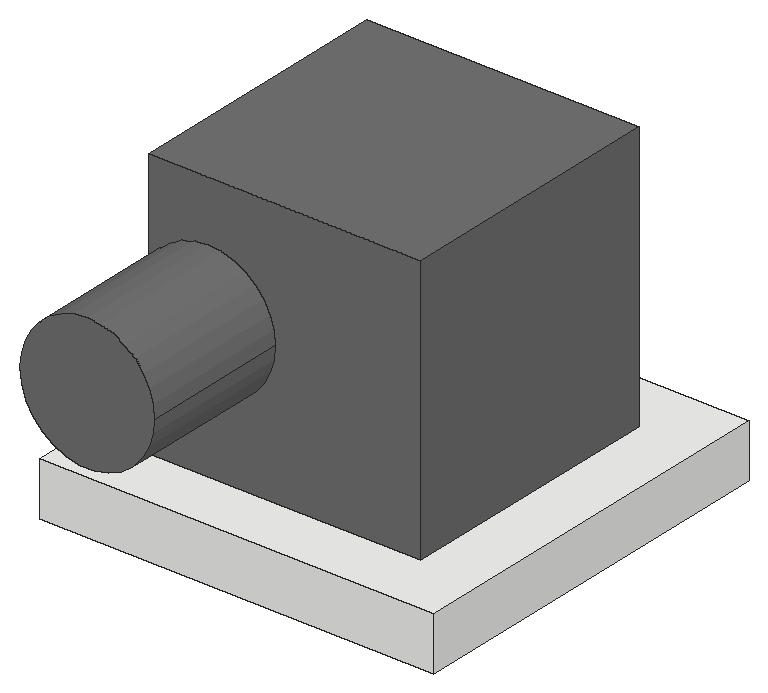
Revit family "vd-10_13zvec7-fp_60Hz", category 機械設備, Revit 2019
Family settings
  丸型コネクタ寸法 = 直径を使用
  パーツ タイプ = 標準
  OmniClass 番号 = 23.75.35.17.27
  OmniClass タイトル = Centrifugal Fans
  作業面ベース = いいえ
  常に垂直 = はい
  ロード時にボイドで切り取り = いいえ
  共有 = いいえ
  部屋計算ポイント = はい
Parameters (values of type "VD-13ZVEC7-FP")
  騒音レベル(dB(A)) [instance] = 24.5
  風量 [instance] = 120.0 m³/h
  電源種別 [instance] = ""
  電圧 = 100 V
  電動機出力 = 0 W
  電動機_種別 [instance] = ""
  運転質量 = 0.00 kg
  連動 [instance] = ""
  質量 = if(製品質量 > 運転質量, 製品質量, 運転質量) * 1.2  # 2.04 kg
  負荷分類 = 3_ファン類
  説明 = "ダクト用換気扇 消音形 フラットインテリアタイプ 24時間換気機能付 定風量タイプ"
  設計風量 [instance] = 0.0 m³/h
  設置方法 = "天埋"
  記号 [instance] = ""
  製造元 = "三菱電機株式会社"
  製品質量 = 1.70 kg
  製品出荷対象 = "国内"
  製品リリース年月 = "2024年4月1日"
  製品グループ = ""
  系統 [instance] = ""
  符号 [instance] = if(☑給気／□排気, "FS", "FE")  # "FE"
  積算_科目 = "2 換気設備"
  積算_拾い区分 [instance] = ""
  相 = 1
  盤記号 [instance] = ""
  発停方法 [instance] = ""
  特殊仕様 [instance] = ""
  火災停止 [instance] = ""
  消費電力 = 3.3 W
  法定耐用年数 = "15"
  機外静圧 [instance] = 78.0 Pa
  極数 = 2
  材質 [instance] = ""
  操作・制御方式 = ""
  操作・制御スイッチ = ""
  排気量 [instance] = if(☑給気／□排気, 0.0 m³/h, 設計風量)  # 0.0 m³/h
  形式 = "天井埋込ダクト形"
  幹線記号 [instance] = ""
  対象室 [instance] = ""
  実風量 [instance] = 0.0 m³/h
  始動方式 [instance] = "直入"
  外気量 [instance] = if(☑給気／□排気, 設計風量, 0.0 m³/h)  # 0.0 m³/h
  呼称 = "天井扇"
  周波数 = 60 Hz
  参照している仕様書等のバージョン = ""
  分類コード = "50052503100030"
  分類グループ = ""
  価格 = 37800
  企業コード = "108420"
  付属品_防振装置 = ""
  付属品 [instance] = ""
  仕様書バージョン = "Version1.0"
  モデル = "VD-13ZVEC7-FP"
  マテリアル = 合成樹脂(黒)
  ファンの種類 = ""
  ダクト径 = 100 mm
  コメント [instance] = ""
  Keynote = ""
  カバーマテリアル = 合成樹脂(白)
  ☑給気／□排気 [instance] = no
  Width = 198 mm
  W1 = 286 mm
  Version = ""
  Uniclass2015Version = "Systems v1.9"
  Uniclass2015Title = "Centrifugal fans"
  Uniclass2015Code = "Pr_65_67_29_12"
  URL = "https://www.mitsubishielectric.co.jp/ldg/wink/qr/002/333597/"
  SpecificationReference = ""
  SpecificationDescription = ""
  Revision = ""
  ProductInformation = ""
  OmniClassCode = "23-33 31 19 11 15"
  OAサイズ_D = 0 mm
  MIN風量 = 75.0 m³/h
  MIN静圧 = 57.0 Pa
  MID風量 = 0.0 m³/h
  MID静圧 = 0.0 Pa
  MAX風量 = 120.0 m³/h
  MAX静圧 = 78.0 Pa
  IfcTypeProduct = ""
  IfcProduct = ""
  IfcExportType = "PROPELLORAXIAL"
  IfcExportAs = "IfcFanType"
  Height = 195 mm
  H1 = 39 mm
  EAサイズ_D = 98 mm
  Duct_Height = 102 mm
  Duct_Depth = 109 mm
  Duct_Center = 56 mm
  Depth = 198 mm
  D1 = 286 mm
  Author = "三菱電機株式会社"
Types (2, lengths in mm): name | 騒音レベル(dB(A)) | 風量 | 質量 | 製品質量 | 消費電力 | 機外静圧 | 価格 | モデル | Width | W1 | URL | MIN風量 | MIN静圧 | MAX風量 | MAX静圧 | Height | Duct_Center | Depth | D1
  VD-10ZVEC7-FP | 21.5 | 100.0 m³/h | 1.80 kg | 1.50 kg | 2.5 W | 90.0 Pa | 33600 | "VD-10ZVEC7-FP" | 174 | 250 | "https://www.mitsubishielectric.co.jp/ldg/wink/qr/002/333574/" | 60.0 m³/h | 50.0 Pa | 100.0 m³/h | 90.0 Pa | 184 | 0 | 174 | 250
  VD-13ZVEC7-FP | 24.5 | 120.0 m³/h | 2.04 kg | 1.70 kg | 3.3 W | 78.0 Pa | 37800 | "VD-13ZVEC7-FP" | 198 | 286 | "https://www.mitsubishielectric.co.jp/ldg/wink/qr/002/333597/" | 75.0 m³/h | 57.0 Pa | 120.0 m³/h | 78.0 Pa | 195 | 56 | 198 | 286
Reference planes
  plane 1 "中心(正面/背面)": y = 0
  plane 2: z = 0
  plane 3 "中心(左/右)": x = 0
  plane 4: x = -143
  plane 5: x = 143
  plane 6: y = 143
  plane 7: y = -143
  plane 8: x = -99
  plane 9: x = 99
  plane 10: y = 99
  plane 11: y = -99
  plane 12: y = -208
  plane 13: z = 195
  plane 14: z = -39
  plane 15: z = 102
  plane 16: x = -56
Forms (mm)
  Extrusion 1, solid, material "合成樹脂(黒)" <- "マテリアル", detail levels fine
    sketch origin (0, 0, 0) x (1, 0, 0) y (0, 1, 0)
      loop
        line (-99, 99) -> (-99, -99) -> (99, -99) -> (99, 99) -> (-99, 99)
    from 0 to 195
  Extrusion 2, solid, material "合成樹脂(白)" <- "カバーマテリアル", detail levels fine
    sketch origin (0, 0, 0) x (1, 0, 0) y (0, 1, 0)
      loop
        line (-143, 143) -> (-143, -143) -> (143, -143) -> (143, 143) -> (-143, 143)
    from 0 to -39
  Extrusion 3, solid, material "合成樹脂(黒)" <- "マテリアル", detail levels fine
    sketch origin (0, 0, 0) x (1, 0, 0) y (0, 0, 1)
      loop
        circle (-56, 102) r 49
    from 99 to 208
Dimensions and locks
  equal spacing: plane 4, plane 3 "中心(左/右)", plane 5
  "W1": plane 4 to plane 5
  equal spacing: plane 6, plane 1 "中心(正面/背面)", plane 7
  "D1": plane 6 to plane 7
  equal spacing: plane 8, plane 3 "中心(左/右)", plane 9
  "Width": plane 8 to plane 9
  equal spacing: plane 10, plane 1 "中心(正面/背面)", plane 11
  "Depth": plane 10 to plane 11
  "Duct_Depth": plane 11 to plane 12
  "Height": plane 13 to plane 2
  "Duct_Height": plane 15 to plane 2
  "H1": plane 2 to plane 14
  "Duct_Center": plane 3 "中心(左/右)" to plane 16
  "EAサイズ_D": diameter of Extrusion 3 sketch curve
  aligned and locked: level to plane 2
  aligned and locked: plane 5 to Extrusion 2
  aligned and locked: plane 6 to Extrusion 2
  aligned and locked: Extrusion 2 to plane 4
  aligned and locked: Extrusion 2 to plane 7
  aligned and locked: plane 9 to Extrusion 1
  aligned and locked: Extrusion 1 to plane 11
  aligned and locked: Extrusion 1 to plane 8
  aligned and locked: plane 10 to Extrusion 1
  aligned and locked: plane 13 to Extrusion 1
  aligned and locked: Extrusion 2 to plane 14
  aligned and locked: level to Extrusion 2
  aligned and locked: Extrusion 1 to level
  aligned and locked: Extrusion 3 to plane 12
  aligned and locked: plane 11 to Extrusion 3
Automatic sketch dimensions
  Extrusion 1 sketch curve to plane 3 "中心(左/右)" = 99 mm
  plane 3 "中心(左/右)" to Extrusion 1 sketch curve = 99 mm
  Extrusion 2 sketch curve to plane 3 "中心(左/右)" = 143 mm
  plane 3 "中心(左/右)" to Extrusion 2 sketch curve = 143 mm
  plane 1 "中心(正面/背面)" to Extrusion 1 sketch curve = 99 mm
  Extrusion 1 sketch curve to plane 1 "中心(正面/背面)" = 99 mm
  plane 1 "中心(正面/背面)" to Extrusion 2 sketch curve = 143 mm
  Extrusion 2 sketch curve to plane 1 "中心(正面/背面)" = 143 mm
  Extrusion 3 sketch curve to plane 15 = 0 mm
  Extrusion 3 sketch curve to plane 16 = 0 mm
Nested families
  nested 1: "記号_天井換気扇_平面" at (0, 0, 0), type "記号_天井換気扇_平面", detail levels coarse+medium
Connectors
  hvac at (-56, -208, 102), driven by "ダクト径", driven by "風量", driven by "機外静圧"
    settings: on Extrusion 3, index 1, duct flow 120.0 m³/h, flow factor 0, pres drop 78.0 Pa, loss coef 0, conn angle 0.00°, conn width 304.8 mm, conn height 304.8 mm, conn diameter 100 mm, duct sys type 3, conn prof type 0, flow config 0, flow direction 2, loss method 4, conn ref index -1, conn util no, is conn primary yes, conn desc ""
  electrical at (0, 0, 195), driven by "極数", driven by "負荷分類", driven by "電圧", driven by "消費電力"
    settings: on Extrusion 1, index 2, voltage 100 V, apparent load 3.3 VA, apparent load phase1 0 VA, apparent load phase2 0 VA, apparent load phase3 0 VA, power factor 1, load classification "3_ファン類", number of poles 2, system type 30, power factor state 1, is connector primary yes, connector utility no, sub classification motor no, connector description ""
Definition of nested family "記号_天井換気扇_平面"
  Reference planes
    plane 1: y = 0
    plane 2: x = 0
  Lines and regions (mm)
    detail lines
      curve 1: line (-2.5, 2.5, 0) -> (2.5, 2.5, 0)
      curve 2: line (-2.5, -2.5, 0) -> (-2.5, 2.5, 0)
      curve 3: line (2.5, -2.5, 0) -> (-2.5, -2.5, 0)
      curve 4: line (2.5, 2.5, 0) -> (2.5, -2.5, 0)
      curve 5: circle (-1.04, -1.04, 0) r 1.46 normal (0, 0, 1)
      curve 6: circle (1.04, 1.04, 0) r 1.46 normal (0, 0, 1)
      curve 7: line (-3.125, 3.125, 0) -> (3.125, 3.125, 0)
      curve 8: line (-3.125, -3.125, 0) -> (-3.125, 3.125, 0)
      curve 9: line (3.125, -3.125, 0) -> (-3.125, -3.125, 0)
      curve 10: line (3.125, 3.125, 0) -> (3.125, -3.125, 0)
      curve 11: circle (1.295, 1.295, 0) r 1.83 normal (0, 0, 1)
      curve 12: circle (-1.295, -1.295, 0) r 1.83 normal (0, 0, 1)
      curve 13: line (-2, 2, 0) -> (2, 2, 0)
      curve 14: line (-2, -2, 0) -> (-2, 2, 0)
      curve 15: line (2, -2, 0) -> (-2, -2, 0)
      curve 16: line (2, 2, 0) -> (2, -2, 0)
      curve 17: circle (0.84, 0.84, 0) r 1.16 normal (0, 0, 1)
      curve 18: circle (-0.84, -0.84, 0) r 1.2 normal (0, 0, 1)
